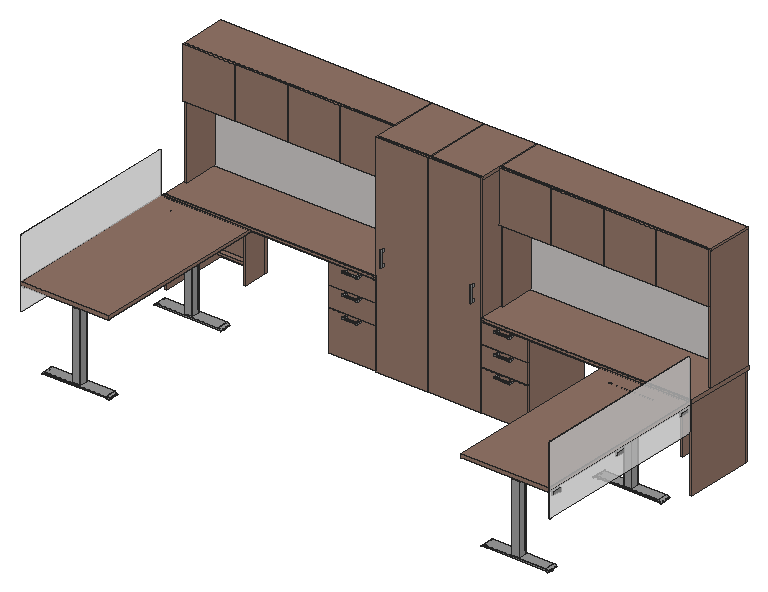
Revit family "JSI-Vision-Typical_Veneer-VSV117", category Furniture, Revit 2020
Family settings
  OmniClass Number = 23.40.20.00
  OmniClass Title = General Furniture and Specialties
  Work Plane-Based = No
  Always vertical = Yes
  Cut with Voids When Loaded = No
  Shared = No
  Room Calculation Point = No
Parameters (values of type "VSV117")
  URL = "www.jsifurniture.com"
  Type Comments = "Typical Veneer"  # constant formula
  Model = "VSV117"
  Manufacturer = "JSI"  # constant formula
  Keynote = "12500"
  Default Elevation = 0"
  Assembly Code = "E2020200"
Reference planes (in)
  plane 1 "Center Front/Back": y = 0
  plane 2: z = 0
  plane 3 "Center Left/Right": x = 0
Dimensions and locks (in)
  aligned and locked: level to plane 2
Nested families (in)
  nested 1: "JSI-Vision-Tackboard_Overhead" at (17.8125, -1.6875, -4.5625), type "VSB7223TK, Tackboard for Overhead Front"
    with Width 70 1/8", Height 23"
  nested 2: "JSI-Vision-Modular_Box_Box_File_Pedestal" at (17.8125, 0.0625, 0), type "VSV1624MBBF, Veneer Modular BBF Ped"
    with Ped Width 15.996", Ped Height 27.996", Ped Depth 24"
  nested 3: "JSI-Vision-Modular_Wing_End_Support" at (-89.875, 0, 0), type "VSV1624WEAL, Wing End Sup - Left"
    with Depth 24"
  nested 4: "JSI-Vision-Modular_Wing_End_Support" at (73.75, 0, 0), type "VSV1624WEAR, Wing End Sup - Right"
    with Pnl Pstn 15 1/8", L no, Depth 24"
  nested 5: "JSI-Vision-Overhead_Cabinets" at (17.8125, 0, -0.8125), type "VSV1672SO, Veneer OH Cab. 16" x 72", 4 Doors"
    with Verticall Partition Distance 35 3/4", Unit Centre 36", Width 72", Door Width Actual 17 25/32", Door Array Spacing 17 29/32", Door Width 17 25/32", # of Doors 4
  nested 6: "JSI-Vision-Wardrobe" at (0, 0, 0), type "VSV2418-72WL, Veneer 72" H Wdrb 24" x 30" - 1 Door"
    with Vertical Partition no, Top-Right Shelve no, Width 18", Unit Centre 8 15/16", Shelve Width 7 13/16", Right surface Dist. to Vertical Partition 3/4", Right Door no, Pull Distance 15 1/4", Left Shelves no, Height 72", Hanging Bar Distance 6 3/4", Door Width 17 3/4", Bottom-Right Shelves yes, Adjustable Shelves Array Distance 13.95", Actual Width 17 7/8", Actual Height 71 11/16", # of Adjustable Shelves 4
  nested 7: "JSI-Vision-Wardrobe" at (-17.875, 0, 0), type "VSV2418-72WR, Veneer 72" H Wdrb 24" x 36" - 1 Door"
    with Vertical Partition no, Top-Right Shelve no, Width 18", Unit Centre 8 15/16", Shelve Width 7 13/16", Right surface Dist. to Vertical Partition 3/4", Pull Distance 15 1/4", Left Shelves no, Left Door no, Height 72", Hanging Bar Distance 6 3/4", Door Width 17 3/4", Bottom-Right Shelves yes, Adjustable Shelves Array Distance 13.95", Actual Width 17 7/8", Actual Height 71 11/16", # of Adjustable Shelves 4
  nested 8: "JSI-Vision-Credenza_Top" at (17.875, 0, 27.996), type "VSV2472MCT, Veneer Credenza Top, 24" x 72""
    with Height 0", Width 72", Depth 24"
  nested 9: "JSI-Vision-Adjustable_Table_Standard_Range" at (59.875, -85, 0) x (0, 1, 0) z (0, 0, 1), type "VSV3060AHTD-S - Adjustable Height Table Standard Range 60"W x 30"D x 30"H"
  nested 10: "JSI-Vision-Modular_Box_Box_File_Pedestal" at (-17.8125, 0.0625, 0) x (-1, 0, 0) z (0, 0, 1), type "VSV1624MBBF, Veneer Modular BBF Ped"
    with Ped Width 15.996", Ped Height 27.996", Ped Depth 24"
  nested 11: "JSI-Vision-Credenza_Top" at (-17.875, 0, 27.996) x (-1, 0, 0) z (0, 0, 1), type "VSV2472MCT, Veneer Credenza Top, 24" x 72""
    with Height 0", Width 72", Depth 24"
  nested 12: "JSI-Vision-Adjustable_Table_Standard_Range" at (-59.875, -85, 0) x (0, 1, 0) z (0, 0, 1), type "VSV3060AHTD-S - Adjustable Height Table Standard Range 60"W x 30"D x 30"H"
  nested 13: "JSI-Vision-Overhead_Cabinets" at (-17.8125, 0, -0.8125) x (-1, 0, 0) z (0, 0, 1), type "VSV1672SO, Veneer OH Cab. 16" x 72", 4 Doors"
    with Verticall Partition Distance 35 3/4", Unit Centre 36", Width 72", Door Width Actual 17 25/32", Door Array Spacing 17 29/32", Door Width 17 25/32", # of Doors 4
  nested 14: "JSI-Vision-Tackboard_Overhead" at (-17.8125, -1.6875, -4.5625) x (-1, 0, 0) z (0, 0, 1), type "VSB7223TK, Tackboard for Overhead Front"
    with Width 70 1/8", Height 23"
  nested 15: "JSI-Vision-Lok_Frosted_Acrylic_Privacy_Screen" at (-89.875, -85, -2.13) x (0, 1, 0) z (0, 0, 1), type "LK-PSP-6024A, Lok Frosted Acrylic Privacy Screen - 60w x 23 3/4h"
  nested 16: "JSI-Vision-Lok_Frosted_Acrylic_Privacy_Screen" at (89.875, -85, -2.13) x (0, 1, 0) z (0, 0, 1), type "LK-PSP-6024A, Lok Frosted Acrylic Privacy Screen - 60w x 23 3/4h"
Definition of nested family "JSI-Vision-Tackboard_Overhead"
  Parameters (values of type "Tackboard for Overhead Front - Type Catalog Family")
    Tackboard = none
    Width = 28 1/8"
    URL = "www.jsifurniture.com"
    Type Comments = ""
    Series = "Vision Casegoods"  # constant formula
    Model = "Type Catalog"
    Material = ""
    Manufacturer = "JSI"  # constant formula
    Keynote = "12500"  # constant formula
    JSI Enviromental Website = "http://www.jsifurniture.com/jsi_sustainability_intro.php"
    Height = 19"
    Description = "Type Catalog"
    Depth = 3/8"
    Default Elevation = 0"
    Assembly Code = "E2020200"
  Reference planes (in)
    plane 1 "Center Front/Back": y = 0
    plane 2: z = 0
    plane 3 "Center Left/Right": x = 0
    plane 4: z = 0
    plane 5: x = 0.9375
    plane 6: x = 29.0625
    plane 7: y = -1.6875
    plane 8: z = 33.75
    plane 9: x = 30
    plane 10: z = 52.75
    plane 11: y = -2.0625
  Forms (in)
    Extrusion 1, solid, material <- "Tackboard"
      sketch origin (0, -0.125, 0) x (1, 0, 0) y (0, 1, 0)
        loop
          line (0.9375, -1.5625) -> (0.9375, -1.9375) -> (29.0625, -1.9375) -> (29.0625, -1.5625) -> (0.9375, -1.5625)
      from 33.75 to 52.75
  Lines and regions (in)
    symbolic lines
      curve 1: line (0.9375, -1.6875, 0) -> (29.0625, -1.6875, 0)
      curve 2: line (0.9375, -2.0625, 0) -> (0.9375, -1.6875, 0)
      curve 3: line (29.0625, -2.0625, 0) -> (0.9375, -2.0625, 0)
      curve 4: line (29.0625, -1.6875, 0) -> (29.0625, -2.0625, 0)
  Dimensions and locks (in)
    "Width": plane 5 to plane 6
    plane 8 to level = 33 3/4"
    "Height": plane 10 to plane 8
    locked: plane 3 "Center Left/Right" to plane 5 at 0.9375
    locked: plane 6 to plane 9 at 0.9375
    plane 1 "Center Front/Back" to plane 7 to plane 11 = 1 11/16" locked, 3/8" locked
    aligned and locked: level to plane 2
    aligned and locked: plane 7 to Extrusion 1
    aligned and locked: Extrusion 1 to plane 5  (x2)
    aligned and locked: plane 6 to Extrusion 1  (x2)
    aligned and locked: Extrusion 1 to plane 8
    aligned and locked: plane 10 to Extrusion 1
    aligned and locked: curve 1 to Extrusion 1
    aligned and locked: curve 2 to Extrusion 1
    aligned and locked: curve 3 to Extrusion 1
    aligned and locked: curve 4 to Extrusion 1
  Automatic sketch dimensions
    Extrusion 1 sketch curve to plane 5 = 0"
    Extrusion 1 sketch curve to plane 6 = 0"
    plane 7 to Extrusion 1 sketch curve = 0"
    Extrusion 1 sketch curve to plane 7 = 3/8"
Definition of nested family "JSI-Vision-Modular_Box_Box_File_Pedestal"
  Parameters (values of type "Type Catalog")
    URL = "www.jsifurniture.com"
    Tag = "BBF"
    Series = "Vision Casegoods"  # constant formula
    Pull Finish = none
    Ped Width = 16"
    Ped Height = 28"
    Model = "Type Catalog"
    Manufacturer = "JSI"  # constant formula
    Keynote = "12500"
    JSI Enviromental website = "http://www.jsifurniture.com/jsi_sustainability_intro.php"
    Description = "Type Catalog"
    Default Elevation = 0"
    Chassis = none
    Ped Depth = 20"
    Grommet Finish = none
    Drawer Front = none
    Assembly Code = "E2020200"
  Reference planes (in)
    plane 1 "Center Front/Back": y = 0
    plane 2: z = 0
    plane 3 "Center Left/Right": x = 0
    plane 4: x = 0.125
    plane 5: x = 16.125
    plane 6: x = 16.25
    plane 7: y = -18.9795
    plane 8: y = -0.1875
    plane 9: y = -19.1095
    plane 10: x = 0.18716
    plane 11: x = 16.06243
    plane 12: y = -19.8595
    plane 13: z = 27.89082
    plane 14: z = 28
    plane 15: x = 0.875
    plane 16: x = 15.376
    plane 17: y = -0.9375
    plane 18: y = -18.23863
    plane 19: z = 27.1404
    plane 20: z = 26.5625
    plane 21: y = -3.9375
    plane 22: x = 8.125
    plane 23: y = -20
    plane 24: y = -9.80266
    plane 25: y = -14.80266
    plane 26: z = 27.1875
    plane 27: z = 21.04715
    plane 28: z = 20.92165
    plane 29: z = 20.1704
    plane 30: z = 14.0779
    plane 31: z = 13.9529
    plane 32: z = 13.2024
    plane 33: z = 0.1404
  Forms (in)
    Extrusion 1, solid, material <- "Chassis"
      sketch origin (0.125, -0.1875, 48) x (0, 1, 0) y (0, 0, 1)
        loop
          line (0, -20) -> (-2.2814, -20) -> (-18.792, -20) -> (-18.792, -48) -> (0, -48) -> (0, -20)
      from 0 to 0.75
    Extrusion 2, solid, material <- "Chassis"
      sketch origin (16.125, -0.1875, 48) x (0, 1, 0) y (0, 0, 1)
        loop
          line (0, -20) -> (-1.49541, -20) -> (-18.792, -20) -> (-18.792, -48) -> (0, -48) -> (0, -20)
      from -0.749 to 0
    Extrusion 3, solid, material <- "Drawer Front"
      sketch origin (0, 0, 0) x (1, 0, 0) y (0, 0, 1)
        loop
          line (0.18716, 27.89082) -> (0.18716, 21.04715) -> (16.06243, 21.04715) -> (16.06243, 27.89082) -> (0.18716, 27.89082)
        loop
          line (16.06243, 14.0779) -> (16.06243, 20.92165) -> (0.18716, 20.92165) -> (0.18716, 14.0779) -> (16.06243, 14.0779)
        loop
          line (0.18716, 13.9529) -> (0.18716, 0.1404) -> (16.06243, 0.1404) -> (16.06243, 13.9529) -> (0.18716, 13.9529)
      from 19.1095 to 19.8595
    Extrusion 4, solid, material <- "Chassis"
      sketch origin (0, 0, 0) x (1, 0, 0) y (0, 1, 0)
        loop
          line (0.875, -18.23863) -> (0.875, -18.9795) -> (15.376, -18.9795) -> (15.376, -18.23863) -> (0.875, -18.23863)
      from 0 to 1.9375
    Extrusion 5, solid, material <- "Chassis"
      sketch origin (0, 0, 0) x (0, 1, 0) y (0, 0, 1)
        loop
          line (-9.80266, 27.1875) -> (-9.80266, 27.89082) -> (-14.80266, 27.89082) -> (-14.80266, 27.1875) -> (-9.80266, 27.1875)
      from 0.875 to 15.376
    Extrusion 6, solid, material <- "Chassis"
      sketch origin (0, 0, 0) x (0, 1, 0) y (0, 0, 1)
        loop
          line (-0.1875, 28) -> (-0.9375, 28) -> (-0.9375, 23) -> (-0.1875, 23) -> (-0.1875, 28)
        loop
          line (-0.9375, 5) -> (-0.9375, 0) -> (-0.1875, 0) -> (-0.1875, 5) -> (-0.9375, 5)
      from 0.875 to 15.376
  Lines and regions (in)
    symbolic lines
      curve 1: line (0.125, -18.9795, 0) -> (0.125, -0.1875, 0)
      curve 2: line (16.125, -0.1875, 0) -> (16.125, -18.9795, 0)
      curve 3: line (0.18716, -19.1095, 0) -> (16.06243, -19.1095, 0)
      curve 4: line (0.18716, -19.8595, 0) -> (0.18716, -19.1095, 0)
      curve 5: line (16.06243, -19.8595, 0) -> (0.18716, -19.8595, 0)
      curve 6: line (16.06243, -19.1095, 0) -> (16.06243, -19.8595, 0)
      curve 7: line (0.875, -0.1875, 0) -> (0.875, -18.9795, 0)
      curve 8: line (0.125, -18.9795, 0) -> (0.875, -18.9795, 0)
      curve 9: line (15.376, -0.1875, 0) -> (15.376, -18.9795, 0)
      curve 10: line (15.376, -18.9795, 0) -> (16.125, -18.9795, 0)
      curve 11: line (0.125, -0.1875, 0) -> (16.125, -0.1875, 0)
      curve 12: line (0.875, -0.9375, 0) -> (15.376, -0.9375, 0)
  Dimensions and locks (in)
    plane 3 "Center Left/Right" to plane 4 = 1/8"
    locked: plane 5 to plane 6 at 0.125
    "Ped Width": plane 4 to plane 5
    locked: plane 1 "Center Front/Back" to plane 8 at 0.1875
    "Ped Height": plane 14 to level
    locked: plane 8 to plane 17 at 0.75
    plane 18 to plane 7 to plane 9 to plane 12 = 0.74087" locked, 0.13" locked, 3/4" locked
    plane 4 to plane 10 to plane 15 = 0.06216" locked, 0.68784" locked
    plane 16 to plane 11 to plane 5 = 0.68644" locked, 0.06257" locked
    locked: plane 14 to plane 20 at 1.4375
    locked: plane 1 "Center Front/Back" to plane 21 at 3.9375
    plane 3 "Center Left/Right" to plane 22 to plane 6 = 8 1/8", 8 1/8"
    "Ped Depth": plane 23 to plane 1 "Center Front/Back"
    locked: plane 12 to plane 23 at 0.1405
    plane 24 to plane 25 to plane 23 = 5" locked, 5.19734" locked
    locked: plane 14 to Extrusion 6 sketch curve at 5
    locked: Extrusion 6 sketch curve to plane 2 at 5
    plane 14 to plane 13 to plane 27 to plane 28 to plane 30 to plane 31 to plane 33 to plane 2 = 0.10918" locked, 6.84367" locked, 0.1255" locked, 6 27/32" locked, 1/8" locked, 13 13/16", 0.1404" locked
    plane 19 to plane 29 to plane 32 to plane 2 = 6.97" locked, 6.968" locked, 13.2024" locked
    aligned and locked: level to plane 2
    aligned and locked: Extrusion 1 sketch curve to plane 7
    aligned and locked: Extrusion 1 sketch curve to level
    aligned and locked: Extrusion 2 sketch curve to plane 14
    aligned and locked: level to Extrusion 2 sketch curve
    aligned and locked: plane 7 to Extrusion 2 sketch curve
    aligned and locked: Extrusion 3 sketch curve to plane 13
    aligned and locked: Extrusion 3 sketch curve to plane 10  (x2)
    aligned and locked: plane 11 to Extrusion 3 sketch curve  (x2)
    aligned and locked: Extrusion 3 to plane 12
    aligned and locked: plane 9 to Extrusion 3
    aligned and locked: Extrusion 4 sketch curve to plane 18
    aligned and locked: plane 15 to Extrusion 4 sketch curve
    aligned and locked: nested 1 to plane 12
    aligned and locked: nested 2 to plane 12
    aligned and locked: plane 19 to nested 2
    aligned and locked: plane 24 to Extrusion 5 sketch curve
    aligned and locked: Extrusion 5 sketch curve to plane 26
    aligned and locked: Extrusion 5 sketch curve to plane 25
    aligned and locked: plane 13 to Extrusion 5 sketch curve
    aligned and locked: Extrusion 5 to plane 15
    aligned and locked: plane 16 to Extrusion 5
    aligned and locked: nested 3 to plane 22
    aligned and locked: nested 3 to plane 23
    aligned and locked: nested 2 to plane 22
    aligned and locked: nested 1 to plane 22
    aligned and locked: Extrusion 3 sketch curve to Extrusion 3 sketch curve  (x2)
    aligned and locked: nested 4 to plane 22
    aligned and locked: nested 4 to plane 12
    aligned and locked: Extrusion 3 to plane 28
    aligned and locked: plane 27 to Extrusion 3
    aligned and locked: Extrusion 3 to plane 31
    aligned and locked: plane 30 to Extrusion 3
    aligned and locked: plane 8 to Extrusion 1
    aligned and locked: plane 8 to Extrusion 2
    aligned and locked: curve 7 to Extrusion 1
    aligned and locked: plane 8 to curve 9
    aligned and locked: Extrusion 2 to plane 16
    aligned and locked: plane 8 to Extrusion 6 sketch curve
    aligned and locked: Extrusion 6 sketch curve to plane 17
    aligned and locked: Extrusion 6 sketch curve to plane 2
    aligned and locked: Extrusion 6 sketch curve to plane 8
    aligned and locked: plane 17 to Extrusion 6 sketch curve
    aligned and locked: Extrusion 6 sketch curve to plane 14
    aligned and locked: Extrusion 6 to plane 15
    aligned and locked: plane 16 to Extrusion 6
    aligned and locked: plane 4 to curve 11
    aligned and locked: plane 5 to curve 11
    aligned and locked: curve 11 to plane 8
    aligned and locked: plane 15 to curve 12
    aligned and locked: plane 16 to curve 12
    aligned and locked: curve 12 to plane 17
    aligned and locked: plane 33 to Extrusion 3
  Automatic sketch dimensions
    Extrusion 3 sketch curve to plane 19 = 6 7/32"
    Extrusion 3 sketch curve to Extrusion 3 sketch curve = 0.1255"
    Extrusion 1 sketch curve to plane 14 = 0"
    Extrusion 1 sketch curve to Extrusion 1 sketch curve = 2.2814"
    Extrusion 2 sketch curve to plane 17 = 0.74541"
    Extrusion 3 sketch curve to Extrusion 3 sketch curve = 1/8"
    Extrusion 3 sketch curve to Extrusion 3 sketch curve = 6 31/32"
    level to Extrusion 3 sketch curve = 0.1404"
    plane 17 to Extrusion 1 sketch curve = 3/4"
    Extrusion 4 sketch curve to plane 7 = 0"
    Extrusion 4 sketch curve to plane 16 = 0"
    plane 17 to Extrusion 2 sketch curve = 3/4"
    curve 3 to plane 9 = 0"
    curve 3 to plane 10 = 0"
    curve 10 to plane 7 = 0"
    curve 5 to plane 11 = 0"
    curve 4 to plane 12 = 0"
    curve 1 to plane 7 = 0"
  Nested families (in)
    nested 1: "Bar Pull" at (8.125, -19.8595, 13.2024), Pull Finish <- "Pull Finish", type "PL"
      with Pull Finish none
    nested 2: "Bar Pull" at (8.125, -19.8595, 27.1404), Pull Finish <- "Pull Finish", type "PL"
      with Pull Finish none
    nested 3: "Label 1-16" at (8.125, -20, 0), type "DRWCFG"
    nested 4: "Bar Pull" at (8.125, -19.8595, 20.1704), Pull Finish <- "Pull Finish", type "PL"
      with Pull Finish none
  Definition of nested family "Bar Pull"
    Parameters
      Pull Finish [instance] = none
      Default Elevation = 0"
    Reference planes (in)
      plane 1 "Center Front/Back": y = 0
      plane 2: z = 0
      plane 3 "Center Left/Right": x = 0
      plane 4: x = -2.68731
      plane 5: x = -1.88731
      plane 6: x = 2.68731
      plane 7: x = 1.88731
      plane 8: y = -1
      plane 9: y = -0.85202
    Forms (in)
      Extrusion 1, solid, material <- "Pull Finish"
        sketch origin (0, 0, 0) x (0, 1, 0) y (0, 0, 1)
          loop
            line (0, -0.2015) -> (0, 0.2015) -> (-0.85202, 0.2015)
            arc (-0.85202, 0.2015) -> (-0.75, 0) -> (-0.85202, -0.2015) r 0.25
            line (-0.85202, -0.2015) -> (0, -0.2015)
        from 1.88731 to 2.68731
      Extrusion 2, solid, material <- "Pull Finish"
        sketch origin (0, 0, 0) x (0, 1, 0) y (0, 0, 1)
          loop
            circle (-1, 0) r 0.25
        from -2.68731 to 2.68731
      Extrusion 3, solid, material <- "Pull Finish"
        sketch origin (0, 0, 0) x (0, 1, 0) y (0, 0, -1)
          loop
            line (0, 0.2015) -> (-0.85202, 0.2015)
            arc (-0.85202, 0.2015) -> (-0.75, 0) -> (-0.85202, -0.2015) r 0.25
            line (-0.85202, -0.2015) -> (0, -0.2015) -> (0, 0.2015)
        from 1.88731 to 2.68731
    Dimensions and locks (in)
      plane 4 to plane 5 to plane 3 "Center Left/Right" to plane 7 to plane 6 = 0.8" locked, 1.88731" locked, 1.88731" locked, 0.8" locked
      plane 8 to plane 9 to plane 1 "Center Front/Back" = 0.14798" locked, 0.85202" locked
      aligned and locked: level to plane 2
      aligned and locked: plane 4 to Extrusion 3
      aligned and locked: Extrusion 3 to plane 5
      aligned and locked: plane 4 to Extrusion 2
      aligned and locked: Extrusion 1 to plane 7
      aligned and locked: plane 6 to Extrusion 1
      aligned and locked: plane 6 to Extrusion 2
      aligned and locked: plane 8 to Extrusion 2 sketch curve
      aligned and locked: Extrusion 3 to plane 1 "Center Front/Back"
      aligned and locked: Extrusion 1 to plane 1 "Center Front/Back"
      aligned and locked: plane 5 to Extrusion 3
      aligned and locked: Extrusion 3 to plane 4
      aligned and locked: Extrusion 2 to plane 4
      aligned and locked: plane 7 to Extrusion 1
      aligned and locked: Extrusion 1 to plane 6
      aligned and locked: Extrusion 2 to plane 6
  Definition of nested family "Label 1-16"
    Parameters
      Width = 1"
      Model Name = "2 Drw - 2 Drs"
    Reference planes (in)
      plane 1: y = 0
      plane 2: x = 0
    Text (in)
      label "XX" at (0.00051, -0.12324, 0), shows "Model Name"
Definition of nested family "JSI-Vision-Modular_Wing_End_Support"
  Parameters (values of type "Wing End Sup - Type Catalog Family")
    Width = 16"
    URL = "www.jsifurniture.com"
    Series = "Vision Casegoods"  # constant formula
    Pnl Pstn = if(L, 1/8", Width - 7/8")  # 1/8"
    Model = "Type Catalog"
    Manufacturer = "JSI"  # constant formula
    L = yes
    Keynote = "12500"  # constant formula
    JSI Enviromental website = "http://www.jsifurniture.com/jsi_sustainability_intro.php"
    Height = 28"
    Grommet Finish = none
    Description = "Type Catalog"
    Depth = 20"
    Default Elevation = 0"
    Chassis = none
    Assembly Code = "E2020200"
  Reference planes (in)
    plane 1 "Center Front/Back": y = 0
    plane 2: z = 0
    plane 3 "Center Left/Right": x = 0
    plane 4: x = 0.125
    plane 5: x = 15.875
    plane 6: x = 16
    plane 7: y = -0.1875
    plane 8: z = 28
    plane 9: x = 0.875
    plane 10: x = 15.126
    plane 11: y = -20
    plane 12: y = -19.8125
    plane 13: y = -0.9375
    plane 14: x = 0.125
    plane 15: x = 15.875
  Forms (in)
    Extrusion 1, solid, material <- "Chassis"
      sketch origin (0, 0, 0) x (1, 0, 0) y (0, 1, 0)
        loop
          line (0.125, -0.1875) -> (0.125, -0.9375) -> (15.875, -0.9375) -> (15.875, -0.1875) -> (0.125, -0.1875)
      from 0 to 28
    Extrusion 2, solid, material <- "Chassis"
      sketch origin (0.125, -0.1875, 48) x (0, 1, 0) y (0, 0, 1)
        loop
          line (-0.75, -20) -> (-19.625, -20) -> (-19.625, -48) -> (-0.75, -48) -> (-0.75, -20)
      from 0 to 0.75
    Extrusion 3, solid, material <- "Chassis"
      sketch origin (15.875, -0.1875, 48) x (0, 1, 0) y (0, 0, 1)
        loop
          line (-0.75, -20) -> (-4.75, -20) -> (-4.75, -48) -> (-0.75, -48) -> (-0.75, -20)
      from -0.749 to 0
    Extrusion 4, solid, material <- "Chassis"
      sketch origin (0, 0, 0) x (0, 1, 0) y (0, 0, 1)
        loop
          line (-0.9375, 1.75) -> (-0.9375, 2.5) -> (-2.875, 2.5) -> (-2.875, 1.75) -> (-0.9375, 1.75)
      from 0.875 to 15.126
  Lines and regions (in)
    symbolic lines
      curve 1: line (15.875, -0.1875, 0) -> (0.125, -0.1875, 0)
      curve 2: line (0.125, -19.8125, 0) -> (0.125, -0.1875, 0)
      curve 3: line (15.875, -0.1875, 0) -> (15.875, -4.9375, 0)
      curve 4: line (0.125, -0.9375, 0) -> (15.875, -0.9375, 0)
      curve 5: line (0.875, -0.9375, 0) -> (0.875, -19.8125, 0)
      curve 6: line (0.125, -19.8125, 0) -> (0.875, -19.8125, 0)
      curve 7: line (15.126, -0.9375, 0) -> (15.126, -4.9375, 0)
      curve 8: line (15.126, -4.9375, 0) -> (15.875, -4.9375, 0)
  Dimensions and locks (in)
    locked: plane 1 "Center Front/Back" to plane 7 at 0.1875
    "Height": plane 8 to level
    locked: plane 4 to plane 9 at 0.75
    locked: plane 10 to plane 5 at 0.749
    "Depth": plane 11 to plane 1 "Center Front/Back"
    "Width": plane 3 "Center Left/Right" to plane 6
    locked: plane 3 "Center Left/Right" to plane 14 at 0.125
    locked: plane 15 to plane 6 at 0.125
    locked: Extrusion 1 to Extrusion 4 at 0.75
    locked: Extrusion 4 to Extrusion 1 at 0.749
    "Pnl Pstn": plane 3 "Center Left/Right" to plane 4
    "Pnl Pstn": plane 5 to plane 6
    locked: plane 12 to plane 11 at 0.1875
    Extrusion 4 to Extrusion 4 to plane 2 = 3/4" locked, 1 3/4" locked
    locked: plane 13 to Extrusion 4 at 1.9375
    aligned and locked: level to plane 2
    aligned and locked: Extrusion 1 sketch curve to plane 7
    aligned and locked: Extrusion 2 sketch curve to level
    aligned and locked: Extrusion 3 sketch curve to plane 8
    aligned and locked: level to Extrusion 3 sketch curve
    aligned and locked: Extrusion 2 to plane 12
    aligned and locked: plane 13 to Extrusion 2
    aligned and locked: plane 9 to Extrusion 2
    aligned and locked: Extrusion 2 to plane 4
    aligned and locked: Extrusion 1 to plane 14
    aligned and locked: plane 15 to Extrusion 1
    aligned and locked: curve 6 to plane 12
    aligned and locked: plane 13 to Extrusion 4 sketch curve
    aligned and locked: plane 13 to Extrusion 3
    aligned and locked: plane 14 to curve 1
  Automatic sketch dimensions
    plane 11 to Extrusion 3 sketch curve = 15 1/16"
    Extrusion 2 sketch curve to plane 8 = 0"
    plane 12 to Extrusion 2 sketch curve = 0"
    Extrusion 1 sketch curve to plane 7 = 3/4"
    Extrusion 2 sketch curve to plane 7 = 3/4"
    Extrusion 3 sketch curve to plane 7 = 3/4"
    Extrusion 1 sketch curve to plane 4 = 0"
    plane 5 to Extrusion 1 sketch curve = 0"
    curve 7 to plane 10 = 0"
    curve 3 to plane 5 = 0"
    curve 2 to plane 4 = 0"
    curve 6 to plane 9 = 0"
    curve 1 to plane 15 = 0"
    curve 4 to plane 13 = 0"
    curve 7 to plane 13 = 0"
    curve 5 to plane 13 = 0"
    curve 2 to plane 7 = 0"
    level to Extrusion 4 sketch curve = 1 3/4"
    Extrusion 4 sketch curve to Extrusion 4 sketch curve = 3/4"
    curve 3 to curve 4 = 4"
    Extrusion 4 sketch curve to plane 13 = 1 15/16"
Definition of nested family "JSI-Vision-Overhead_Cabinets"
  Parameters (values of type "Overhead Cab. Doors - Type Catalog Family")
    Verticall Partition Distance = (Door Width * 2) + 3/16"  # 29 13/16"
    Unit Centre = Width / 2  # 45"
    Top = none
    Width = 90"
    URL = "www.jsifurniture.com"
    Type Comments = ""
    Tag = "6 Doors"
    Series = "Vision Casegoods"  # constant formula
    Right Vertical Partition = yes
    Overhead Height = 26 1/2"
    OH Elevation = 30"
    Model = "Type Catalog"
    Material = ""
    Manufacturer = "JSI"  # constant formula
    Left Vertical Partition = yes
    Keynote = "12500"  # constant formula
    JSI Enviromental Website = "http://www.jsifurniture.com/jsi_sustainability_intro.php"
    Height = 42"
    Grommet Finish = none
    Gromett Height = OH Elevation + 24 5/8"  # 54 5/8"
    Door Width Actual = if(# of Doors > 4, ((Width - 1 1/8") / # of Doors), if(# of Doors > 3, (((Width - 1 1/8") / # of Doors) + 1/16"), if(# of Doors > 2, (((Width - 1 1/8") / # of Doors) + 1/8"), (((Width - 1 1/8") / # of Doors) + 1/4"))))  # 14 13/16"
    Door Array Spacing = Door Width + 1/8"  # 14 15/16"
    Door Width = Door Width Actual  # 14 13/16"
    Door Front = none
    Description = "Type Catalog"
    Depth = 16"
    Default Elevation = 0"
    Chassis = none
    Assembly Code = "E2020200"
    # of Doors = if(Width > 89", 6, (if(Width > 53", 4, (if(Width > 41", 3, (if(Width > 30", 2, 2)))))))  # 6
  Reference planes (in)
    plane 1 "Center Front/Back": y = 0
    plane 2: z = 0
    plane 3 "Center Left/Right": x = 0
    plane 4 "a": z = 0
    plane 5: y = -0.125
    plane 6: x = 90
    plane 7: x = 0.125
    plane 8: x = 89.875
    plane 9: y = -15.5625
    plane 10: y = -16
    plane 11: z = 72.5
    plane 12: z = 72
    plane 13: x = 0.875
    plane 14: x = 89.125
    plane 15: y = -0.875
    plane 16: y = -0.9375
    plane 17: y = -1.6875
    plane 18: z = 71.75
    plane 19: z = 56.5
    plane 20: z = 57.25
    plane 21: z = 55
    plane 22: y = -14.8125
    plane 23: y = -14.0625
    plane 24: x = 0.25
    plane 25: x = 89.75
    plane 26: z = 72.4375
    plane 27: z = 55.1875
    plane 28: y = -15.6875
    plane 29: y = -16.4375
    plane 30: x = 45
    plane 31: x = 30.0625
    plane 32: x = 59.9375
    plane 33: x = 29.6875
    plane 34: x = 30.4375
    plane 35: x = 59.5625
    plane 36: x = 60.3125
    plane 37 "Not a Reference": x = 6.875
    plane 38: x = 83.125
    plane 39: z = 30
  Forms (in)
    Extrusion 1, solid, material <- "Chassis"
      sketch origin (0, 0, 0) x (1, 0, 0) y (0, 1, 0)
        loop
          line (0.125, -0.125) -> (0.125, -15.5625) -> (0.875, -15.5625) -> (0.875, -0.125) -> (0.125, -0.125)
      from 30 to 71.75
    Extrusion 2, solid, material <- "Chassis"
      sketch origin (0, 0, 0) x (1, 0, 0) y (0, 1, 0)
        loop
          line (89.875, -0.125) -> (89.125, -0.125) -> (89.125, -15.5625) -> (89.875, -15.5625) -> (89.875, -0.125)
      from 30 to 71.75
    Extrusion 3, solid, material <- "Door Front"
      sketch origin (0, 0, 0) x (1, 0, 0) y (0, 0, 1)
        loop
          line (0.125, 72.5) -> (0.125, 71.75) -> (89.875, 71.75) -> (89.875, 72.5) -> (0.125, 72.5)
      from 0.125 to 15.5625
    Extrusion 4, solid, material <- "Chassis"
      sketch origin (0, 0, 0) x (1, 0, 0) y (0, 0, 1)
        loop
          line (0.875, 57.25) -> (0.875, 56.5) -> (89.125, 56.5) -> (89.125, 57.25) -> (0.875, 57.25)
      from 1.6875 to 15.5625
    Extrusion 5, solid, material <- "Chassis"
      sketch origin (0, 0, 0) x (1, 0, 0) y (0, 1, 0)
        loop
          line (0.875, -14.0625) -> (0.875, -14.8125) -> (89.125, -14.8125) -> (89.125, -14.0625) -> (0.875, -14.0625)
      from 55 to 56.5
    Extrusion 6, solid, material <- "Door Front"
      sketch origin (-3, 0, 18) x (1, 0, 0) y (0, 1, 0)
        loop
          line (3.25, -15.6875) -> (3.25, -16.4375) -> (18.0625, -16.4375) -> (18.0625, -15.6875) -> (3.25, -15.6875)
      from 37.1875 to 54.4375
    Extrusion 7, solid, material <- "Door Front"
      sketch origin (11.9375, 0, 18) x (1, 0, 0) y (0, 1, 0)
        loop
          line (3.25, -15.6875) -> (3.25, -16.4375) -> (18.0625, -16.4375) -> (18.0625, -15.6875) -> (3.25, -15.6875)
      from 37.1875 to 54.4375
    Extrusion 8, solid, material <- "Chassis", visible <- "Left Vertical Partition"
      sketch origin (0, 0, 0) x (1, 0, 0) y (0, 1, 0)
        loop
          line (29.6875, -1.6875) -> (29.6875, -15.5625) -> (30.4375, -15.5625) -> (30.4375, -1.6875) -> (29.6875, -1.6875)
      from 57.25 to 71.75
    Extrusion 9, solid, material <- "Chassis", visible <- "Right Vertical Partition"
      sketch origin (0, 0, 0) x (1, 0, 0) y (0, 1, 0)
        loop
          line (59.5625, -1.6875) -> (59.5625, -15.5625) -> (60.3125, -15.5625) -> (60.3125, -1.6875) -> (59.5625, -1.6875)
      from 57.25 to 71.75
    Extrusion 10, solid, material <- "Chassis"
      sketch origin (130.61992, -0.9375, 48) x (1, 0, 0) y (0, 0, 1)
        loop
          line (-129.74492, 23.75) -> (-129.74492, -18) -> (-41.49492, -18) -> (-41.49492, 23.75) -> (-129.74492, 23.75)
        loop
          circle (-120.11946, 7.90657) r 0.33443
        loop
          circle (-51.12039, 7.90657) r 0.33443
      from 0 to 0.75
    Extrusion 11, solid, material <- "Door Front"
      sketch origin (26.875, 0, 18) x (1, 0, 0) y (0, 1, 0)
        loop
          line (3.25, -15.6875) -> (3.25, -16.4375) -> (18.0625, -16.4375) -> (18.0625, -15.6875) -> (3.25, -15.6875)
      from 37.1875 to 54.4375
    Extrusion 12, solid, material <- "Door Front"
      sketch origin (41.8125, 0, 18) x (1, 0, 0) y (0, 1, 0)
        loop
          line (3.25, -15.6875) -> (3.25, -16.4375) -> (18.0625, -16.4375) -> (18.0625, -15.6875) -> (3.25, -15.6875)
      from 37.1875 to 54.4375
    Extrusion 13, solid, material <- "Door Front"
      sketch origin (56.75, 0, 18) x (1, 0, 0) y (0, 1, 0)
        loop
          line (3.25, -15.6875) -> (3.25, -16.4375) -> (18.0625, -16.4375) -> (18.0625, -15.6875) -> (3.25, -15.6875)
      from 37.1875 to 54.4375
    Extrusion 14, solid, material <- "Door Front"
      sketch origin (71.6875, 0, 18) x (1, 0, 0) y (0, 1, 0)
        loop
          line (3.25, -15.6875) -> (3.25, -16.4375) -> (18.0625, -16.4375) -> (18.0625, -15.6875) -> (3.25, -15.6875)
      from 37.1875 to 54.4375
  Lines and regions (in)
    symbolic lines
      curve 1: line (0.125, -0.125, 0) -> (0.125, -15.5625, 0)
      curve 2: line (89.875, -0.125, 0) -> (0.125, -0.125, 0)
      curve 3: line (0.125, -15.5625, 0) -> (89.875, -15.5625, 0)
      curve 4: line (89.875, -15.5625, 0) -> (89.875, -0.125, 0)
      curve 5: line (0.25, -15.6875, 0) -> (15.0625, -15.6875, 0)
      curve 6: line (0.25, -16.4375, 0) -> (0.25, -15.6875, 0)
      curve 7: line (15.0625, -16.4375, 0) -> (0.25, -16.4375, 0)
      curve 8: line (15.0625, -15.6875, 0) -> (15.0625, -16.4375, 0)
      curve 9: line (15.1875, -15.6875, 0) -> (30, -15.6875, 0)
      curve 10: line (15.1875, -16.4375, 0) -> (15.1875, -15.6875, 0)
      curve 11: line (30, -16.4375, 0) -> (15.1875, -16.4375, 0)
      curve 12: line (30, -15.6875, 0) -> (30, -16.4375, 0)
      curve 13: line (30.125, -15.6875, 0) -> (44.9375, -15.6875, 0)
      curve 14: line (30.125, -16.4375, 0) -> (30.125, -15.6875, 0)
      curve 15: line (44.9375, -16.4375, 0) -> (30.125, -16.4375, 0)
      curve 16: line (44.9375, -15.6875, 0) -> (44.9375, -16.4375, 0)
      curve 17: line (45.0625, -15.6875, 0) -> (59.875, -15.6875, 0)
      curve 18: line (45.0625, -16.4375, 0) -> (45.0625, -15.6875, 0)
      curve 19: line (59.875, -16.4375, 0) -> (45.0625, -16.4375, 0)
      curve 20: line (59.875, -15.6875, 0) -> (59.875, -16.4375, 0)
      curve 21: line (60, -15.6875, 0) -> (74.8125, -15.6875, 0)
      curve 22: line (60, -16.4375, 0) -> (60, -15.6875, 0)
      curve 23: line (74.8125, -16.4375, 0) -> (60, -16.4375, 0)
      curve 24: line (74.8125, -15.6875, 0) -> (74.8125, -16.4375, 0)
      curve 25: line (74.9375, -15.6875, 0) -> (89.75, -15.6875, 0)
      curve 26: line (74.9375, -16.4375, 0) -> (74.9375, -15.6875, 0)
      curve 27: line (89.75, -16.4375, 0) -> (74.9375, -16.4375, 0)
      curve 28: line (89.75, -15.6875, 0) -> (89.75, -16.4375, 0)
  Dimensions and locks (in)
    plane 3 "Center Left/Right" to plane 7 to plane 24 = 1/8" locked, 1/8" locked
    plane 25 to plane 8 to plane 6 = 1/8" locked, 1/8" locked
    locked: plane 5 to plane 1 "Center Front/Back" at 0.125
    plane 10 to plane 9 to plane 22 to plane 23 = 7/16" locked, 3/4" locked, 3/4" locked
    "Width": plane 3 "Center Left/Right" to plane 6
    "Depth": plane 10 to plane 1 "Center Front/Back"
    locked: plane 11 to plane 12 at 0.5
    locked: plane 7 to plane 13 at 0.75
    locked: plane 14 to plane 8 at 0.75
    locked: plane 15 to plane 5 at 0.75
    plane 17 to plane 16 to plane 5 = 3/4" locked, 13/16" locked
    locked: plane 11 to plane 18 at 0.75
    plane 20 to plane 19 to plane 21 = 3/4" locked, 1 1/2" locked
    plane 18 to plane 20 = 14 1/2"
    locked: plane 11 to plane 26 at 0.0625
    locked: plane 27 to plane 21 at 0.1875
    plane 29 to plane 28 to plane 9 = 3/4" locked, 1/8" locked
    "Door Width": Extrusion 6 sketch curve to Extrusion 6 sketch curve
    "Door Width": Extrusion 7 sketch curve to Extrusion 7 sketch curve
    equal spacing: group 1, group 2, group 3, group 4, group 5, group 6  (x3)
    "Door Array Spacing": Extrusion 6 to Extrusion 7
    "Verticall Partition Distance": plane 24 to plane 31
    plane 33 to plane 31 to plane 34 = 3/8" locked, 3/8" locked
    plane 35 to plane 32 to plane 36 = 3/8" locked, 3/8" locked
    "Verticall Partition Distance": plane 32 to plane 25
    "Unit Centre": plane 3 "Center Left/Right" to plane 30
    locked: plane 13 to plane 37 "Not a Reference" at 6
    locked: plane 38 to plane 14 at 6
    "Door Width": Extrusion 11 sketch curve to Extrusion 11 sketch curve
    "Door Width": Extrusion 12 sketch curve to Extrusion 12 sketch curve
    "OH Elevation": plane 39 to plane 4 "a"
    "Height": plane 12 to plane 39
    "Overhead Height": plane 19 to plane 39
    "Door Width": Extrusion 13 sketch curve to Extrusion 13 sketch curve
    "Door Width": Extrusion 14 sketch curve to Extrusion 14 sketch curve
    locked: Extrusion 10 sketch curve to Extrusion 10 sketch curve at 9.62546  (x2)
    locked: Extrusion 10 sketch curve to Extrusion 10 sketch curve at 15.84343  (x2)
    aligned and locked: level to plane 2
    aligned and locked: plane 5 to Extrusion 1 sketch curve
    aligned and locked: plane 7 to Extrusion 1 sketch curve
    aligned and locked: Extrusion 1 sketch curve to plane 13
    aligned and locked: Extrusion 2 sketch curve to plane 5
    aligned and locked: plane 8 to Extrusion 2 sketch curve
    aligned and locked: Extrusion 2 sketch curve to plane 14
    aligned and locked: Extrusion 3 sketch curve to plane 11
    aligned and locked: plane 7 to Extrusion 3 sketch curve
    aligned and locked: Extrusion 3 to plane 5
    aligned and locked: plane 9 to Extrusion 1
    aligned and locked: plane 9 to Extrusion 2
    aligned and locked: plane 9 to Extrusion 3
    aligned and locked: Extrusion 4 sketch curve to plane 20
    aligned and locked: plane 13 to Extrusion 4 sketch curve
    aligned and locked: plane 19 to Extrusion 4 sketch curve
    aligned and locked: Extrusion 4 sketch curve to plane 14
    aligned and locked: Extrusion 4 to plane 17
    aligned and locked: plane 9 to Extrusion 4
    aligned and locked: plane 23 to Extrusion 5 sketch curve
    aligned and locked: plane 13 to Extrusion 5 sketch curve
    aligned and locked: Extrusion 5 sketch curve to plane 22
    aligned and locked: Extrusion 5 sketch curve to plane 14
    aligned and locked: plane 19 to Extrusion 5
    aligned and locked: Extrusion 5 to plane 21
    aligned and locked: plane 26 to Extrusion 6
    aligned and locked: Extrusion 6 to plane 24
    aligned and locked: plane 17 to Extrusion 8 sketch curve
    aligned and locked: plane 33 to Extrusion 8 sketch curve
    aligned and locked: Extrusion 8 sketch curve to plane 9
    aligned and locked: Extrusion 8 sketch curve to plane 34
    aligned and locked: plane 17 to Extrusion 9 sketch curve
    aligned and locked: plane 35 to Extrusion 9 sketch curve
    aligned and locked: Extrusion 9 sketch curve to plane 9
    aligned and locked: Extrusion 9 sketch curve to plane 36
    aligned and locked: plane 18 to Extrusion 8
    aligned and locked: Extrusion 8 to plane 20
    aligned and locked: plane 18 to Extrusion 9
    aligned and locked: Extrusion 9 to plane 20
    aligned and locked: Extrusion 1 to Extrusion 10 sketch curve
    aligned and locked: Extrusion 10 sketch curve to Extrusion 1
    aligned and locked: Extrusion 2 to Extrusion 10 sketch curve
    aligned and locked: Extrusion 10 to plane 16
    aligned and locked: plane 17 to Extrusion 10
    aligned and locked: plane 30 to nested 1
    aligned and locked: plane 29 to nested 1
    aligned and locked: plane 26 to Extrusion 7
    aligned and locked: plane 18 to Extrusion 1
    aligned and locked: plane 18 to Extrusion 2
    aligned and locked: Extrusion 6 to plane 27
    aligned and locked: curve 1 to Extrusion 3
    aligned and locked: curve 2 to Extrusion 3
    aligned and locked: curve 3 to Extrusion 3
    aligned and locked: curve 4 to Extrusion 3
    aligned and locked: Extrusion 1 to plane 39
    aligned and locked: Extrusion 2 to plane 39
    aligned and locked: curve 5 to Extrusion 6
    aligned and locked: curve 6 to Extrusion 6
    aligned and locked: curve 7 to Extrusion 6
    aligned and locked: curve 8 to Extrusion 6
    aligned and locked: curve 9 to Extrusion 7
    aligned and locked: curve 10 to Extrusion 7
    aligned and locked: curve 11 to Extrusion 7
    aligned and locked: curve 12 to Extrusion 7
    aligned and locked: curve 13 to Extrusion 11
    aligned and locked: curve 14 to Extrusion 11
    aligned and locked: curve 15 to Extrusion 11
    aligned and locked: curve 16 to Extrusion 11
    aligned and locked: curve 17 to Extrusion 12
    aligned and locked: curve 18 to Extrusion 12
    aligned and locked: curve 19 to Extrusion 12
    aligned and locked: curve 20 to Extrusion 12
    aligned and locked: curve 21 to Extrusion 13
    aligned and locked: curve 22 to Extrusion 13
    aligned and locked: curve 23 to Extrusion 13
    aligned and locked: curve 24 to Extrusion 13
    aligned and locked: curve 25 to Extrusion 14
    aligned and locked: curve 26 to Extrusion 14
    aligned and locked: curve 27 to Extrusion 14
    aligned and locked: curve 28 to Extrusion 14
  Automatic sketch dimensions
    Extrusion 1 sketch curve to plane 10 = 7/16"
    Extrusion 3 sketch curve to plane 8 = 0"
    Extrusion 3 sketch curve to plane 18 = 0"
    plane 9 to Extrusion 2 sketch curve = 0"
    Extrusion 6 sketch curve to Extrusion 6 sketch curve = 3/4"
    Extrusion 7 sketch curve to Extrusion 7 sketch curve = 3/4"
    Extrusion 11 sketch curve to Extrusion 11 sketch curve = 3/4"
    Extrusion 12 sketch curve to Extrusion 12 sketch curve = 3/4"
    curve 6 to curve 7 = 14 13/16"
    curve 6 to curve 6 = 3/4"
    curve 10 to curve 11 = 14 13/16"
    curve 10 to curve 10 = 3/4"
    curve 14 to curve 15 = 14 13/16"
    curve 14 to curve 14 = 3/4"
    curve 18 to curve 19 = 14 13/16"
    curve 18 to curve 18 = 3/4"
    Extrusion 13 sketch curve to Extrusion 13 sketch curve = 3/4"
    curve 22 to curve 23 = 14 13/16"
    curve 22 to curve 22 = 3/4"
    Extrusion 14 sketch curve to Extrusion 14 sketch curve = 3/4"
    curve 26 to curve 27 = 14 13/16"
    curve 26 to curve 26 = 3/4"
    Extrusion 10 sketch curve to plane 39 = 0"
    radius of Extrusion 10 sketch curve = 0.33443"  (x2)
  Nested families (in)
    nested 1: "Label 1-16 OH" at (45, -16.4375, 0), type "OH DOORS"
  Definition of nested family "Label 1-16 OH"
    Parameters
      Width = 1"
      Model Name = "XX"
    Reference planes (in)
      plane 1: y = 0
      plane 2: x = 0
    Text (in)
      label "XX" at (0.00051, -0.12324, 0), shows "Model Name"
Definition of nested family "JSI-Vision-Wardrobe"
  Parameters (values of type "Type Catalog")
    Vertical Partition = yes
    Top-Right Shelve = yes
    Top = none
    Width = 36"
    Unit Centre = Actual Width / 2  # 17 15/16"
    URL = "www.jsifurniture.com"
    Type Comments = ""
    Tag = "Storage/Wardrobe"
    Shelve Width = (Actual Width - 2 1/4") / 2  # 16 13/16"
    Shelve Depth = Depth - 2 13/16"  # 21 3/16"
    Series = "Vision Casegoods"  # constant formula
    Right surface Dist. to Vertical Partition = if(Vertical Partition, (Unit Centre + 3/8"), 3/4")  # 18 5/16"
    Right Door = yes
    Pull Finish = none
    Pull Distance = Door Width - 2 1/2"  # 15 5/16"
    Model = "Type Catalog"
    Material = ""
    Manufacturer = "JSI"  # constant formula
    Left Shelves = yes
    Left Door = yes
    Keynote = "12500"
    JSI Enviromental Website = "http://www.jsifurniture.com/jsi_sustainability_intro.php"
    Height = 84"
    Hanging Bar Distance = if(Height > 72", (Adjustable Shelves Array Distance + 6 3/4"), 6 3/4")  # 20 3/8"
    Door Width = if(Vertical Partition, ((Actual Width - (1/4")) / 2), (Actual Width - 1/8"))  # 17 13/16"
    Door Front = none
    Description = "Type Catalog"
    Depth = 24"
    Default Elevation = 0"
    Chassis = none
    Bottom-Right Shelves = no
    Assembly Code = "E2020200"
    Adjustable Shelves Array Distance = (Actual Height - 1 15/16") / (# of Adjustable Shelves + 1)  # 13 5/8"
    Actual Width = Width - 1/8"  # 35 7/8"
    Actual Height = if(Height > 54", (Height - 5/16"), (if(Height > 42", (Height + 1 1/8"), if(Height > 30", (Height - 3/8"), (Height - 13/16")))))  # 83 11/16"
    # of Adjustable Shelves = if(Height > 72", 5, 4)  # 5
  Reference planes (in)
    plane 1 "Center Front/Back": y = 0
    plane 2: z = 0
    plane 3 "Center Left/Right": x = 0
    plane 4: z = 0
    plane 5: x = 35.875
    plane 6: y = -0.125
    plane 7: y = -23
    plane 8: z = 83.6875
    plane 9: y = -0.875
    plane 10: y = -22.8125
    plane 11: y = -22.0625
    plane 12: x = 0.75
    plane 13: x = 35.125
    plane 14: z = 1.1875
    plane 15: z = 1.9375
    plane 16: z = 82.9375
    plane 17: z = 83.3125
    plane 18: z = 15.1875
    plane 19: z = 28.8125
    plane 20: z = 42.4375
    plane 21: z = 56.0625
    plane 22: z = 69.6875
    plane 23: z = 70.0625
    plane 24: z = 69.3125
    plane 25: z = 56.4375
    plane 26: z = 55.6875
    plane 27: z = 42.8125
    plane 28: z = 42.0625
    plane 29: z = 29.1875
    plane 30: z = 28.4375
    plane 31: z = 15.5625
    plane 32: z = 14.8125
    plane 33: x = 17.9375
    plane 34: x = 0.0625
    plane 35: x = 35.8125
    plane 36: x = 18
    plane 37: x = 17.875
    plane 38: z = 0.125
    plane 39: y = -23.125
    plane 40: y = -23.875
    plane 41: z = 1.5625
    plane 42: x = 18.3125
    plane 43: x = 17.5625
    plane 44: y = -24
    plane 45: z = 83.625
    plane 46: z = 63.3125
    plane 47: y = -11.5625
    plane 48: z = 41.84375
    plane 49: x = 20.5
    plane 50: x = 15.375
    plane 51: z = 20.3125
    plane 52: z = 19.5625
    plane 53: x = 18.3125
  Forms (in)
    Extrusion 1, solid, material <- "Chassis"
      sketch origin (0, 0, 0) x (1, 0, 0) y (0, 1, 0)
        loop
          line (0, -0.125) -> (0, -0.875) -> (35.875, -0.875) -> (35.875, -0.125) -> (0, -0.125)
      from 0 to 82.9375
    Extrusion 2, solid, material <- "Chassis"
      sketch origin (0, 0, 0) x (1, 0, 0) y (0, 1, 0)
        loop
          line (0, -0.875) -> (0, -23) -> (0.75, -23) -> (0.75, -0.875) -> (0, -0.875)
      from 0 to 82.9375
    Extrusion 3, solid, material <- "Chassis"
      sketch origin (0, 0, 0) x (1, 0, 0) y (0, 1, 0)
        loop
          line (35.125, -0.875) -> (35.125, -23) -> (35.875, -23) -> (35.875, -0.875) -> (35.125, -0.875)
      from 0 to 82.9375
    Extrusion 4, solid, material <- "Top"
      sketch origin (0, 0, 0) x (0, 1, 0) y (0, 0, 1)
        loop
          line (-0.125, 83.6875) -> (-23, 83.6875) -> (-23, 82.9375) -> (-0.125, 82.9375) -> (-0.125, 83.6875)
      from 0 to 35.875
    Extrusion 5, solid, material <- "Chassis"
      sketch origin (0, 0, 0) x (0, 1, 0) y (0, 0, 1)
        loop
          line (-0.875, 1.9375) -> (-22.0625, 1.9375) -> (-22.0625, 1.1875) -> (-0.875, 1.1875) -> (-0.875, 1.9375)
      from 0.75 to 35.125
    Extrusion 6, solid, material <- "Chassis"
      sketch origin (0, 0, 0) x (0, 1, 0) y (0, 0, 1)
        loop
          line (-22.0625, 1.9375) -> (-22.8125, 1.9375) -> (-22.8125, 0) -> (-22.0625, 0) -> (-22.0625, 1.9375)
      from 0.75 to 35.125
    Extrusion 7, solid, material <- "Door Front", visible <- "Left Door"
      sketch origin (0, 0, 0) x (1, 0, 0) y (0, 1, 0)
        loop
          line (0.0625, -23.125) -> (0.0625, -23.875) -> (17.875, -23.875) -> (17.875, -23.125) -> (0.0625, -23.125)
      from 0.125 to 83.625
    Extrusion 8, solid, material <- "Door Front", visible <- "Right Door"
      sketch origin (0, 0, 0) x (1, 0, 0) y (0, 1, 0)
        loop
          line (18, -23.125) -> (18, -23.875) -> (35.8125, -23.875) -> (35.8125, -23.125) -> (18, -23.125)
      from 0.125 to 83.625
    Extrusion 9, solid, material <- "Chassis", visible <- "Vertical Partition"
      sketch origin (0, 0, 0) x (1, 0, 0) y (0, 1, 0)
        loop
          line (17.5625, -0.875) -> (17.5625, -23) -> (18.3125, -23) -> (18.3125, -0.875) -> (17.5625, -0.875)
      from 1.9375 to 82.9375
    Extrusion 10, solid, material <- "Chassis", visible <- "Left Shelves"
      sketch origin (0, 0, 0) x (0, 1, 0) y (0, 0, 1)
        loop
          line (-0.875, 15.5625) -> (-22.0625, 15.5625) -> (-22.0625, 14.8125) -> (-0.875, 14.8125) -> (-0.875, 15.5625)
      from 0.75 to 17.5625
    Extrusion 11, solid, material <- "Chassis", visible <- "Top-Right Shelve"
      sketch origin (0, 0, 0) x (0, 1, 0) y (0, 0, 1)
        loop
          line (-0.875, 70.0625) -> (-22.0625, 70.0625) -> (-22.0625, 69.3125) -> (-0.875, 69.3125) -> (-0.875, 70.0625)
      from 18.3125 to 35.125
    Extrusion 12, solid, material <- "Pull Finish"
      sketch origin (0, 0, 0) x (0, 1, 0) y (0, 0, 1)
        loop
          circle (-11.5625, 63.3125) r 0.5
      from 18.3125 to 35.125
    Extrusion 13, solid, material <- "Chassis", visible <- "Left Shelves"
      sketch origin (0, 0, 13.625) x (0, 1, 0) y (0, 0, 1)
        loop
          line (-0.875, 15.5625) -> (-22.0625, 15.5625) -> (-22.0625, 14.8125) -> (-0.875, 14.8125) -> (-0.875, 15.5625)
      from 0.75 to 17.5625
    Extrusion 14, solid, material <- "Chassis", visible <- "Left Shelves"
      sketch origin (0, 0, 27.25) x (0, 1, 0) y (0, 0, 1)
        loop
          line (-0.875, 15.5625) -> (-22.0625, 15.5625) -> (-22.0625, 14.8125) -> (-0.875, 14.8125) -> (-0.875, 15.5625)
      from 0.75 to 17.5625
    Extrusion 15, solid, material <- "Chassis", visible <- "Left Shelves"
      sketch origin (0, 0, 40.875) x (0, 1, 0) y (0, 0, 1)
        loop
          line (-0.875, 15.5625) -> (-22.0625, 15.5625) -> (-22.0625, 14.8125) -> (-0.875, 14.8125) -> (-0.875, 15.5625)
      from 0.75 to 17.5625
    Extrusion 16, solid, material <- "Chassis", visible <- "Bottom-Right Shelves"
      sketch origin (0, 0, 0) x (0, 1, 0) y (0, 0, 1)
        loop
          line (-22.0625, 29.1875) -> (-22.0625, 28.4375) -> (-0.875, 28.4375) -> (-0.875, 29.1875) -> (-22.0625, 29.1875)
      from 18.3125 to 35.125
    Extrusion 17, solid, material <- "Chassis", visible <- "Bottom-Right Shelves"
      sketch origin (0, 0, 0) x (0, 1, 0) y (0, 0, 1)
        loop
          line (-22.0625, 20.3125) -> (-22.0625, 19.5625) -> (-0.875, 19.5625) -> (-0.875, 20.3125) -> (-22.0625, 20.3125)
      from 18.3125 to 35.125
    Extrusion 18, solid, material <- "Chassis", visible <- "Left Shelves"
      sketch origin (0, 0, 54.5) x (0, 1, 0) y (0, 0, 1)
        loop
          line (-0.875, 15.5625) -> (-22.0625, 15.5625) -> (-22.0625, 14.8125) -> (-0.875, 14.8125) -> (-0.875, 15.5625)
      from 0.75 to 17.5625
  Lines and regions (in)
    symbolic lines
      curve 1: line (35.875, -0.125, 0) -> (0, -0.125, 0)
      curve 2: line (0, -0.125, 0) -> (0, -23, 0)
      curve 3: line (35.875, -23, 0) -> (35.875, -0.125, 0)
      curve 4: line (0, -23, 0) -> (35.875, -23, 0)
      curve 5: line (17.875, -23.875, 0) -> (17.875, -23.125, 0)
      curve 6: line (0.0625, -23.875, 0) -> (17.875, -23.875, 0)
      curve 7: line (17.875, -23.125, 0) -> (0.0625, -23.125, 0)
      curve 8: line (0.0625, -23.125, 0) -> (0.0625, -23.875, 0)
      curve 9: line (35.8125, -23.125, 20.3125) -> (18, -23.125, 20.3125)
      curve 10: line (18, -23.875, 20.3125) -> (35.8125, -23.875, 20.3125)
      curve 11: line (18, -23.125, 20.3125) -> (18, -23.875, 20.3125)
      curve 12: line (35.8125, -23.875, 20.3125) -> (35.8125, -23.125, 20.3125)
  Dimensions and locks (in)
    locked: plane 6 to plane 1 "Center Front/Back" at 0.125
    plane 7 to plane 10 to plane 11 = 3/16" locked, 3/4" locked
    locked: plane 3 "Center Left/Right" to plane 12 at 0.75
    locked: plane 13 to plane 5 at 0.75
    plane 15 to plane 14 to plane 4 = 3/4" locked, 1 3/16" locked
    locked: plane 8 to plane 16 at 0.75
    locked: plane 17 to plane 16 at 0.375
    plane 23 to plane 22 to plane 24 = 3/8" locked, 3/8" locked
    plane 25 to plane 21 to plane 26 = 3/8" locked, 3/8" locked
    plane 27 to plane 20 to plane 28 = 3/8" locked, 3/8" locked
    plane 29 to plane 19 to plane 30 = 3/8" locked, 3/8" locked
    plane 31 to plane 18 to plane 32 = 3/8" locked, 3/8" locked
    "Actual Width": plane 3 "Center Left/Right" to plane 5
    "Unit Centre": plane 3 "Center Left/Right" to plane 33
    "Actual Height": plane 8 to plane 4
    locked: plane 3 "Center Left/Right" to plane 34 at 0.0625
    locked: plane 35 to plane 5 at 0.0625
    plane 40 to plane 39 to plane 7 = 3/4" locked, 1/8" locked
    "Door Width": plane 34 to plane 37
    "Door Width": plane 36 to plane 35
    locked: plane 15 to plane 41 at 0.375
    plane 43 to plane 33 to plane 42 = 3/8" locked, 3/8" locked
    "Depth": plane 44 to plane 1 "Center Front/Back"
    locked: plane 44 to plane 40 at 0.125
    "Adjustable Shelves Array Distance": Extrusion 10 to plane 15
    locked: plane 8 to plane 45 at 0.0625
    "Adjustable Shelves Array Distance": plane 17 to plane 22
    equal spacing: plane 6, plane 47, plane 7
    equal spacing: plane 8, plane 48, plane 4
    "Shelve Depth": Extrusion 10 sketch curve to Extrusion 10 sketch curve
    "Shelve Depth": Extrusion 13 sketch curve to Extrusion 13 sketch curve
    equal spacing: group 1, group 2, group 3, group 4, group 5  (x3)
    "Shelve Width": Extrusion 10 to Extrusion 10
    "Shelve Depth": Extrusion 14 sketch curve to Extrusion 14 sketch curve
    "Shelve Width": Extrusion 14 to Extrusion 14
    "Shelve Depth": Extrusion 15 sketch curve to Extrusion 15 sketch curve
    "Shelve Width": Extrusion 15 to Extrusion 15
    "Shelve Width": Extrusion 13 to Extrusion 13
    "Hanging Bar Distance": plane 8 to plane 46
    "Adjustable Shelves Array Distance": Extrusion 13 to Extrusion 10
    plane 30 to plane 51 to plane 52 = 8 1/8" locked, 3/4" locked
    "Pull Distance": plane 49 to plane 35
    "Pull Distance": plane 34 to plane 50
    "Right surface Dist. to Vertical Partition": plane 53 to plane 3 "Center Left/Right"
    "Shelve Depth": Extrusion 18 sketch curve to Extrusion 18 sketch curve
    "Shelve Width": Extrusion 18 to Extrusion 18
    locked: plane 38 to plane 4 at 0.125
    radius of Extrusion 12 sketch curve = 1/2"
    aligned and locked: level to plane 2
    aligned and locked: plane 6 to Extrusion 1 sketch curve
    aligned and locked: Extrusion 1 sketch curve to plane 9
    aligned and locked: Extrusion 1 sketch curve to plane 5
    aligned and locked: plane 3 "Center Left/Right" to Extrusion 1 sketch curve
    aligned and locked: Extrusion 1 to plane 4
    aligned and locked: plane 16 to Extrusion 1
    aligned and locked: plane 3 "Center Left/Right" to Extrusion 2 sketch curve
    aligned and locked: Extrusion 2 sketch curve to plane 12
    aligned and locked: Extrusion 2 sketch curve to plane 7
    aligned and locked: plane 9 to Extrusion 2 sketch curve
    aligned and locked: plane 13 to Extrusion 3 sketch curve
    aligned and locked: Extrusion 3 sketch curve to plane 5
    aligned and locked: Extrusion 3 sketch curve to plane 7
    aligned and locked: plane 9 to Extrusion 3 sketch curve
    aligned and locked: Extrusion 2 to plane 4
    aligned and locked: Extrusion 3 to plane 4
    aligned and locked: plane 16 to Extrusion 2
    aligned and locked: plane 16 to Extrusion 3
    aligned and locked: plane 16 to Extrusion 4 sketch curve
    aligned and locked: Extrusion 4 sketch curve to plane 8
    aligned and locked: plane 6 to Extrusion 4 sketch curve
    aligned and locked: Extrusion 4 sketch curve to plane 7
    aligned and locked: Extrusion 4 to plane 3 "Center Left/Right"
    aligned and locked: plane 5 to Extrusion 4
    aligned and locked: Extrusion 5 sketch curve to plane 11
    aligned and locked: plane 14 to Extrusion 5 sketch curve
    aligned and locked: Extrusion 5 sketch curve to plane 15
    aligned and locked: plane 9 to Extrusion 5 sketch curve
    aligned and locked: Extrusion 5 to plane 12
    aligned and locked: plane 13 to Extrusion 5
    aligned and locked: plane 11 to Extrusion 6 sketch curve
    aligned and locked: Extrusion 6 sketch curve to plane 10
    aligned and locked: plane 4 to Extrusion 6 sketch curve
    aligned and locked: Extrusion 6 sketch curve to plane 15
    aligned and locked: Extrusion 6 to plane 12
    aligned and locked: plane 13 to Extrusion 6
    aligned and locked: level to plane 4
    aligned and locked: plane 33 to nested 1
    aligned and locked: plane 40 to nested 1
    aligned and locked: plane 39 to Extrusion 7 sketch curve
    aligned and locked: Extrusion 7 sketch curve to plane 40
    aligned and locked: Extrusion 7 sketch curve to plane 37
    aligned and locked: plane 34 to Extrusion 7 sketch curve
    aligned and locked: plane 39 to Extrusion 8 sketch curve
    aligned and locked: Extrusion 8 sketch curve to plane 40
    aligned and locked: Extrusion 8 sketch curve to plane 35
    aligned and locked: plane 36 to Extrusion 8 sketch curve
    aligned and locked: Extrusion 7 to plane 38
    aligned and locked: Extrusion 8 to plane 38
    aligned and locked: plane 43 to Extrusion 9 sketch curve
    aligned and locked: Extrusion 9 sketch curve to plane 42
    aligned and locked: plane 9 to Extrusion 9 sketch curve
    aligned and locked: Extrusion 9 sketch curve to plane 7
    aligned and locked: Extrusion 9 to plane 15
    aligned and locked: plane 16 to Extrusion 9
    aligned and locked: plane 45 to Extrusion 7
    aligned and locked: plane 45 to Extrusion 8
    aligned and locked: Extrusion 11 sketch curve to plane 23
    aligned and locked: plane 24 to Extrusion 11 sketch curve
    aligned and locked: plane 9 to Extrusion 11 sketch curve
    aligned and locked: Extrusion 11 sketch curve to plane 11
    aligned and locked: plane 13 to Extrusion 11
    aligned and locked: plane 13 to Extrusion 12
    aligned and locked: Extrusion 10 to plane 9
    aligned and locked: plane 50 to nested 3
    aligned and locked: plane 49 to nested 2
    aligned and locked: plane 48 to nested 3
    aligned and locked: plane 48 to nested 2
    aligned and locked: plane 43 to Extrusion 10
    aligned and locked: plane 43 to Extrusion 13
    aligned and locked: Extrusion 13 to plane 9
    aligned and locked: plane 40 to nested 3
    aligned and locked: plane 40 to nested 2
    aligned and locked: Extrusion 16 sketch curve to plane 29
    aligned and locked: plane 30 to Extrusion 16 sketch curve
    aligned and locked: plane 9 to Extrusion 16 sketch curve
    aligned and locked: Extrusion 16 sketch curve to plane 11
    aligned and locked: plane 13 to Extrusion 16
    aligned and locked: Extrusion 17 sketch curve to plane 51
    aligned and locked: plane 52 to Extrusion 17 sketch curve
    aligned and locked: Extrusion 17 sketch curve to plane 11
    aligned and locked: plane 9 to Extrusion 17 sketch curve
    aligned and locked: plane 13 to Extrusion 17
    aligned and locked: plane 53 to Extrusion 12
    aligned and locked: plane 53 to Extrusion 11
    aligned and locked: plane 53 to Extrusion 17
    aligned and locked: plane 53 to Extrusion 16
    aligned and locked: curve 1 to Extrusion 4
    aligned and locked: curve 2 to Extrusion 4
    aligned and locked: curve 3 to Extrusion 4
    aligned and locked: curve 4 to Extrusion 4
    aligned and locked: curve 5 to Extrusion 7
    aligned and locked: curve 6 to Extrusion 7
    aligned and locked: curve 7 to Extrusion 7
    aligned and locked: curve 8 to Extrusion 7
    aligned and locked: curve 9 to Extrusion 8
    aligned and locked: curve 10 to Extrusion 8
    aligned and locked: curve 11 to Extrusion 8
    aligned and locked: curve 12 to Extrusion 8
  Automatic sketch dimensions
    Extrusion 12 sketch curve to plane 46 = 0"
    Extrusion 12 sketch curve to plane 47 = 0"
    Extrusion 10 sketch curve to Extrusion 10 sketch curve = 3/4"
    Extrusion 13 sketch curve to Extrusion 13 sketch curve = 3/4"
    Extrusion 14 sketch curve to Extrusion 14 sketch curve = 3/4"
    Extrusion 15 sketch curve to Extrusion 15 sketch curve = 3/4"
    Extrusion 18 sketch curve to Extrusion 18 sketch curve = 3/4"
  Nested families (in)
    nested 1: "Label 1-16 OH" at (17.9375, -23.875, 0), type "OH DOORS"
    nested 2: "Vertical Bar Pull" at (20.5, -23.875, 41.84375), Pull Finish <- "Pull Finish", visible <- "Right Door", type "PL"
      with Pull Finish none
    nested 3: "Vertical Bar Pull" at (15.375, -23.875, 41.84375), Pull Finish <- "Pull Finish", visible <- "Left Door", type "PL"
      with Pull Finish none
  Definition of nested family "Vertical Bar Pull"
    Parameters
      Pull Finish [instance] = none
      Default Elevation = 0"
    Reference planes (in)
      plane 1 "Center Front/Back": y = 0
      plane 2: z = 0
      plane 3 "Center Left/Right": x = 0
      plane 4: x = -2.68731
      plane 5: x = -1.88731
      plane 6: x = 2.68731
      plane 7: x = 1.88731
      plane 8: y = -1
      plane 9: y = -0.85202
      plane 10: z = 2.68731
      plane 11: z = 1.88731
      plane 12: z = -1.88731
      plane 13: z = -2.68731
    Forms (in)
      Extrusion 1, solid, material <- "Pull Finish"
        sketch origin (0, 0, 0) x (0, 1, 0) y (-1, 0, 0)
          loop
            line (0, -0.2015) -> (0, 0.2015) -> (-0.85202, 0.2015)
            arc (-0.85202, 0.2015) -> (-0.75, 0) -> (-0.85202, -0.2015) r 0.25
            line (-0.85202, -0.2015) -> (0, -0.2015)
        from 1.88731 to 2.68731
      Extrusion 2, solid, material <- "Pull Finish"
        sketch origin (0, 0, 0) x (0, 1, 0) y (-1, 0, 0)
          loop
            circle (-1, 0) r 0.25
        from -2.68731 to 2.68731
      Extrusion 3, solid, material <- "Pull Finish"
        sketch origin (0, 0, 0) x (1, 0, 0) y (0, 1, 0)
          loop
            line (0.2015, 0) -> (-0.2015, 0) -> (-0.2015, -0.85202)
            arc (-0.2015, -0.85202) -> (0, -0.75) -> (0.2015, -0.85202) r 0.25
            line (0.2015, -0.85202) -> (0.2015, 0)
        from 1.88731 to 2.68731
      Extrusion 4, solid, material <- "Pull Finish"
        sketch origin (0, 0, -4.57462) x (1, 0, 0) y (0, 1, 0)
          loop
            line (0.2015, 0) -> (-0.2015, 0) -> (-0.2015, -0.85202)
            arc (-0.2015, -0.85202) -> (0, -0.75) -> (0.2015, -0.85202) r 0.25
            line (0.2015, -0.85202) -> (0.2015, 0)
        from 1.88731 to 2.68731
    Dimensions and locks (in)
      plane 4 to plane 5 to plane 3 "Center Left/Right" to plane 7 to plane 6 = 0.8" locked, 1.88731" locked, 1.88731" locked, 0.8" locked
      plane 8 to plane 9 to plane 1 "Center Front/Back" = 0.14798" locked, 0.85202" locked
